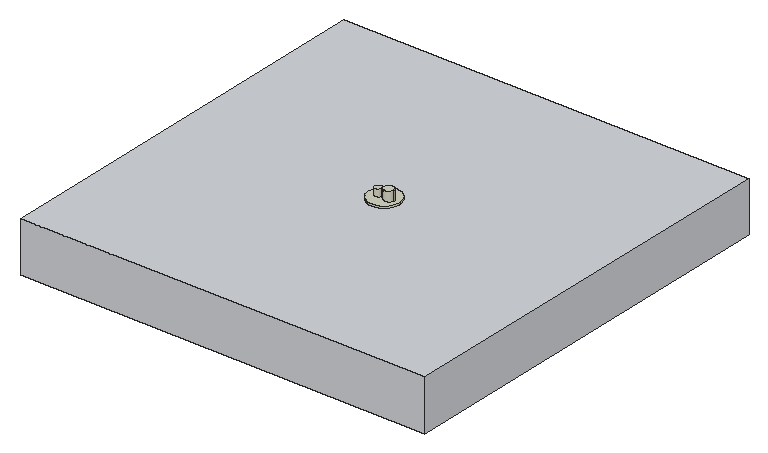
Revit family "IS_ConceptEasyBox_Multiproduct_BIM_GB_A5880;A5878;A5879", category Plumbing Fixtures, host Face, Revit 2016
Family settings
  Host = Face
  Part Type = Normal
  Round Connector Dimension = Use Diameter
  OmniClass Number = 23.45.05.14.17
  OmniClass Title = Showers
  Cut with Voids When Loaded = Yes
  Shared = Yes
  Room Calculation Point = No
Parameters (values of type "A5877AA - Concept Easybox Slim Built-in Shower Mixer Round Faceplate")
  WorkingPressure = "n/a"
  WarrantyStartDate = "1900-12-31T23:59:59"
  WarrantyGuarantorParts = "Productinfo@thebluebook.co.uk"
  WarrantyGuarantorLabor = "n/a"
  WarrantyDurationUnit = "year"
  WarrantyDurationParts = "5"
  WarrantyDurationLabor = "n/a"
  WarrantyDescription = "Manufacturers warranty"
  VolumeUnits = "Litres"
  Version = "1"
  ValveMatl = ISI_IdealStandard_Brassware_Chrome3_Render
  Uniclass2 = "Pr_40_20_87_81"
  URL = "www.idealspec.co.uk"
  Type Comments = "n/a"
  TestPressure = "10 Bar"
  TagNumber = "n/a"
  SustainabilityPerformance = "Can be recycled"
  SpareParts = "www.fastpart-spares.co.uk"
  Space = "Internal"
  Size = "164 x 185 x 185 mm"
  Shape = "Sculptured"
  SerialNumber = "n/a"
  Revision = "n/a"
  ReplacementCost = "n/a"
  Reference = "n/a"
  ProductInformation = "www.idealspec.co.uk/assets/datasheet/A5877AA"
  Phone = "01482 346 461"
  NominalWidth = 185 mm
  NominalLength = 185 mm
  NominalHeight = 164 mm
  NettWeight = "3 Kg"
  Name = "ShowerMixers_ConceptEasyBox_A5877_IdealStandard"
  NBSTypeID = "n/a"
  NBSReference = "45-35-70/335"
  NBSOfficeMasterTag = "n/a"
  NBSNote = "n/a"
  NBSDescription = "Shower mixers"
  NBSCertification = "n/a"
  ModelReference = Description  # "Concept Easybox Slim Built-in Shower Mixer Round Faceplate"
  ModelNumber = Model  # "A5877AA"
  Model = "A5877AA"
  ManufacturerURL = "www.idealspec.co.uk"
  Manufacturer = "productinfo@thebluebook.co.uk"
  LinearUnits = "millimeters"
  InstallationInstructions = "www.idealspec.co.uk/resources.html"
  InstallationDate = "1900-12-31T23:59:59"
  IfcExportType = "FAUCET"
  IfcExportAs = "IfcValveType"
  Help = "Productinfo@thebluebook.co.uk"
  GrossWeight = "n/a"
  Grade = "n/a"
  Finish = "Chrome"
  Features = "Slim built-in thermostatic bath shower mixer round faceplate"
  FaucetType = "Other"
  FaucetTopDescription = "Handwheels"
  FaucetOperation = "Other"
  FaucetFunction = "MIXED"
  ExpectedLife = "30"
  DurationUnit = "year"
  Description = "Concept Easybox Slim Built-in Shower Mixer Round Faceplate"
  Default Elevation = 1100 mm
  Currency Units = "n/a"
  CreatedBy = "Ideal Standard (UK) Ltd"
  Constituents = "n/a"
  ConnectionType = "Plumbing"
  Brand = "Ideal Standard"
  BarCode = ""
  BIMObjectName = "ISI_IdealStandard_ShowerMixers_ConceptEasyBox_A5877"
  Author = "Ideal Standard (UK) Ltd"
  AssetType = "Fixed"
  AssetIdentifier = "n/a"
  Assembly Code = "C1030200"
  AreaUnits = "millimeters"
  AreaMeasurement = "n/a"
  AccessibilityPerformance = "n/a"
  A5877AA/A5879AA = not([A5878AA/A5880AA])  # yes
  A5878AA/A5880AA = no
Types (4, lengths in mm): name | ProductInformation | Name | ModelReference | ModelNumber | Model | Features | Description | BarCode | BIMObjectName | A5877AA/A5879AA | A5878AA/A5880AA
  A5879AA - Concept Easybox Slim Built-in Thermostatic Bath Shower Mixer Round Faceplate | "www.idealspec.co.uk/assets/datasheet/A5879AA" | "ShowerMixers_ConceptEasyBox_A5879_IdealStandard" | "Concept easybox slim built-in thermostatic bath shower mixer round faceplate" | "A5879AA" | "A5879AA" | "Slim built-in thermostatic bath shower mixer round faceplate" | "Concept easybox slim built-in thermostatic bath shower mixer round faceplate" | "4015413330213" | "ISI_IdealStandard_ShowerMixers_ConceptEasyBox_A5879" | yes | no
  A5878AA - Concept Easybox Slim Built-in Thermostatic Bath Shower Mixer Square Faceplate | "www.idealspec.co.uk/assets/datasheet/A5878AA" | "ShowerMixers_ConceptEasyBox_A5878_IdealStandard" | "Concept easybox slim built-in thermostatic bath shower mixer square faceplate" | "A5878AA" | "A5878AA" | "Slim built-in thermostatic bath shower mixer square faceplate" | "Concept easybox slim built-in thermostatic bath shower mixer square faceplate" | "n/a" | "ISI_IdealStandard_ShowerMixers_ConceptEasyBox_A5878" | no | yes
  A5880AA - Concept Easybox Slim Built-in Bath Shower Mixer Square Faceplate | "www.idealspec.co.uk/assets/datasheet/A5880AA" | "ShowerMixers_ConceptEasyBox_A5880_IdealStandard" | "Concept Easybox Slim Built-in Bath Shower Mixer Square Faceplate" | "A5880AA" | "A5880AA" | "Slim built-in thermostatic bath shower mixer with square faceplate. Consists of brass mixer, plastic installation box, mounting bracket, faceplate and handles." | "Concept Easybox Slim Built-in Bath Shower Mixer Square Faceplate" | "n/a" | "ISI_IdealStandard_ShowerMixers_ConceptEasyBox_A5880" | no | yes
  A5877AA - Concept Easybox Slim Built-in Shower Mixer Round Faceplate | "www.idealspec.co.uk/assets/datasheet/A5877AA" | "ShowerMixers_ConceptEasyBox_A5877_IdealStandard" | "Concept Easybox Slim Built-in Shower Mixer Round Faceplate" | "A5877AA" | "A5877AA" | "Slim built-in thermostatic bath shower mixer round faceplate" | "Concept Easybox Slim Built-in Shower Mixer Round Faceplate" | "" | "ISI_IdealStandard_ShowerMixers_ConceptEasyBox_A5877" | yes | no
Reference planes
  plane 1 "Center (Front/Back)": y = 0
  plane 2: z = 0
  plane 3 "Center (Left/Right)": x = 0
  plane 4: x = -67.5
  plane 5: x = 92.5
  plane 6: y = 92.5
  plane 7: y = -92.5
  plane 8: x = -92.5
  plane 9: x = 28
  plane 10: y = 55
  plane 11: y = -55
  plane 12: x = -37
  plane 13: z = -50
Forms (mm)
  Extrusion 1, solid
    sketch origin (0, 0, 0) x (1, 0, 0) y (0, 1, 0)
      loop
        line (-1219.2, 1219.2) -> (-1219.2, -1219.2) -> (1219.2, -1219.2) -> (1219.2, 1219.2) -> (-1219.2, 1219.2)
    from 0 to -304.8
  Extrusion 2, solid, detail levels medium+fine
    sketch origin (15, 2.233, 0) x (1, 0, 0) y (0, 1, 0)
      loop
        line (-82.5, 52.767) -> (-82.5, -57.233) -> (53.5, -57.233) -> (53.5, 52.767) -> (-82.5, 52.767)
    from 0 to -100.188
  Extrusion 3, void
    sketch origin (-67.5, -100, 1219.2) x (0, 1, 0) y (0, 0, 1)
      loop
        circle (100, -1269.2) r 10.5
    from 0 to 10
  Extrusion 4, solid, material "ISI_IdealStandard_Brassware_Chrome3_Render" <- "ValveMatl", visible <- "A5877AA/A5879AA", detail levels medium+fine
    sketch origin (0, 0, 0) x (1, 0, 0) y (0, 1, 0)
      loop
        circle (0, 0) r 92.5
    from 0 to 10
  Extrusion 5, solid, material "ISI_IdealStandard_Brassware_Chrome3_Render", detail levels medium+fine
    sketch origin (0, 0, 0) x (1, 0, 0) y (0, 1, 0)
      loop
        circle (28, 0) r 28
    from 0 to 63
  Extrusion 6, solid, material "ISI_IdealStandard_Brassware_Chrome3_Render", detail levels medium+fine
    sketch origin (0, 0, 0) x (1, 0, 0) y (0, 1, 0)
      loop
        circle (-37, 0) r 20
    from 0 to 47
  Extrusion 7, void
    sketch origin (68.5, 55, 1219.2) x (-1, 0, 0) y (0, 0, 1)
      loop
        circle (68.5, -1269.2) r 10.5
    from 0 to -10
  Extrusion 8, void
    sketch origin (68.5, -55, 1219.2) x (-1, 0, 0) y (0, 0, -1)
      loop
        circle (68.5, 1269.2) r 10.5
    from 0 to -10
  Extrusion 9, solid, material "ISI_IdealStandard_Brassware_Chrome3_Render" <- "ValveMatl", visible <- "A5878AA/A5880AA"
    sketch origin (0, 0, 0) x (1, 0, 0) y (0, 1, 0)
      loop
        arc (-90.5, 92.5) -> (-91.914, 91.914) -> (-92.5, 90.5) r 2
        line (-92.5, 90.5) -> (-92.5, -90.5)
        arc (-92.5, -90.5) -> (-91.914, -91.914) -> (-90.5, -92.5) r 2
        line (-90.5, -92.5) -> (90.5, -92.5)
        arc (90.5, -92.5) -> (91.914, -91.914) -> (92.5, -90.5) r 2
        line (92.5, -90.5) -> (92.5, 90.5)
        arc (92.5, 90.5) -> (91.914, 91.914) -> (90.5, 92.5) r 2
        line (90.5, 92.5) -> (-90.5, 92.5)
    from 0 to 10
Cuts and joins
  Extrusion 3, Extrusion 7, Extrusion 8 cuts Extrusion 2
Dimensions and locks
  "NominalLength": plane 8 to plane 5
  "NominalWidth": plane 6 to plane 7
  equal spacing: plane 8, plane 3 "Center (Left/Right)", plane 5
  equal spacing: plane 6, plane 1 "Center (Front/Back)", plane 7
  equal spacing: cut or joined group of Extrusion 2, Extrusion 3, Extrusion 7, Extrusion 8, plane 1 "Center (Front/Back)", cut or joined group of Extrusion 2, Extrusion 3, Extrusion 7, Extrusion 8
  cut or joined group of Extrusion 2, Extrusion 3, Extrusion 7, Extrusion 8 to cut or joined group of Extrusion 2, Extrusion 3, Extrusion 7, Extrusion 8 = 110 mm
  aligned and locked: plane 2 to Extrusion 1
  aligned and locked: level to Extrusion 1
  aligned and locked: plane 10 to cut or joined group of Extrusion 2, Extrusion 3, Extrusion 7, Extrusion 8
  aligned and locked: plane 11 to cut or joined group of Extrusion 2, Extrusion 3, Extrusion 7, Extrusion 8
  aligned and locked: Extrusion 2 to Extrusion 8
  aligned and locked: Extrusion 9 sketch curve to plane 6
  aligned and locked: Extrusion 9 sketch curve to plane 8
  aligned and locked: plane 7 to Extrusion 9 sketch curve
  aligned and locked: plane 5 to Extrusion 9 sketch curve
  aligned and locked: Extrusion 9 to Extrusion 4
  aligned and locked: Extrusion 9 to level
Automatic sketch dimensions
  Extrusion 1 sketch curve to Extrusion 1 sketch curve = 2438.4 mm  (x2)
  Extrusion 2 sketch curve to plane 4 = 0 mm
  plane 11 to Extrusion 2 sketch curve = 0 mm
  plane 10 to Extrusion 2 sketch curve = 0 mm
  plane 5 to Extrusion 2 sketch curve = 24 mm
  Extrusion 3 sketch curve to plane 1 "Center (Front/Back)" = 0 mm
  plane 13 to Extrusion 3 sketch curve = 0 mm
  plane 1 "Center (Front/Back)" to Extrusion 4 sketch curve = 0 mm
  Extrusion 4 sketch curve to plane 3 "Center (Left/Right)" = 0 mm
  plane 1 "Center (Front/Back)" to Extrusion 5 sketch curve = 0 mm
  Extrusion 5 sketch curve to plane 9 = 0 mm
  plane 1 "Center (Front/Back)" to Extrusion 6 sketch curve = 0 mm
  Extrusion 6 sketch curve to plane 12 = 0 mm
  Extrusion 7 sketch curve to plane 3 "Center (Left/Right)" = 0 mm
  Extrusion 7 sketch curve to plane 13 = 0 mm
  Extrusion 8 sketch curve to plane 3 "Center (Left/Right)" = 0 mm
  Extrusion 8 sketch curve to plane 13 = 0 mm
  plane 8 to Extrusion 9 sketch curve = 2 mm
  plane 7 to Extrusion 9 sketch curve = 2 mm
  plane 5 to Extrusion 9 sketch curve = 2 mm
  Extrusion 9 sketch curve to Extrusion 9 sketch curve = 2 mm
  radius of Extrusion 3 sketch curve = 10.5 mm
  radius of Extrusion 4 sketch curve = 92.5 mm
  radius of Extrusion 5 sketch curve = 28 mm
  radius of Extrusion 6 sketch curve = 20 mm
  radius of Extrusion 7 sketch curve = 10.5 mm
  radius of Extrusion 8 sketch curve = 10.5 mm
Connectors
  piping at (-67.5, 0, -50.094), diameter 21
    settings: on cut or joined group of Extrusion 2, Extrusion 3, Extrusion 7, Extrusion 8, index 1, connector inside diameter 0.82677", connector length 0 mm, flow factor 0, pipe flow 0 GPM, pressure drop 0.00 psi, fitting loss kfactor 0, connector angle 0.00°, fixture units 0, engagement length 0 mm, angle of deflection 0.00°, flow configuration 2, flow direction 2, fitting loss method 0, system type 19, joint type 0, gender type 0, connector reference index -1, connector utility 0, adjustable connector no, is connector primary yes, connector description ""
  piping at (-67.5, 0, -50.094), diameter 21
    settings: on cut or joined group of Extrusion 2, Extrusion 3, Extrusion 7, Extrusion 8, index 2, connector inside diameter 0.82677", connector length 0 mm, flow factor 0, pipe flow 0 GPM, pressure drop 0.00 psi, fitting loss kfactor 0, connector angle 0.00°, fixture units 0, engagement length 0 mm, angle of deflection 0.00°, flow configuration 2, flow direction 2, fitting loss method 0, system type 22, joint type 0, gender type 0, connector reference index -1, connector utility 0, adjustable connector no, is connector primary no, connector description ""
  piping at (-67.5, 0, -50.094), diameter 21
    settings: on cut or joined group of Extrusion 2, Extrusion 3, Extrusion 7, Extrusion 8, index 3, connector inside diameter 0.82677", connector length 0 mm, flow factor 0, pipe flow 0 GPM, pressure drop 0.00 psi, fitting loss kfactor 0, connector angle 0.00°, fixture units 0, engagement length 0 mm, angle of deflection 0.00°, flow configuration 2, flow direction 1, fitting loss method 0, system type 19, joint type 0, gender type 0, connector reference index -1, connector utility 0, adjustable connector no, is connector primary no, connector description ""
  piping at (0, 55, -50), diameter 21
    settings: on cut or joined group of Extrusion 2, Extrusion 3, Extrusion 7, Extrusion 8, index 4, connector inside diameter 0.82677", connector length 0 mm, flow factor 0, pipe flow 0 GPM, pressure drop 0.00 psi, fitting loss kfactor 0, connector angle 0.00°, fixture units 0, engagement length 0 mm, angle of deflection 0.00°, flow configuration 2, flow direction 1, fitting loss method 0, system type 20, joint type 0, gender type 0, connector reference index -1, connector utility 0, adjustable connector no, is connector primary no, connector description ""
  piping at (0, -55, -50), diameter 21
    settings: on cut or joined group of Extrusion 2, Extrusion 3, Extrusion 7, Extrusion 8, index 5, connector inside diameter 0.82677", connector length 0 mm, flow factor 0, pipe flow 0 GPM, pressure drop 0.00 psi, fitting loss kfactor 0, connector angle 0.00°, fixture units 0, engagement length 0 mm, angle of deflection 0.00°, flow configuration 2, flow direction 1, fitting loss method 0, system type 19, joint type 0, gender type 0, connector reference index -1, connector utility 0, adjustable connector no, is connector primary no, connector description ""
